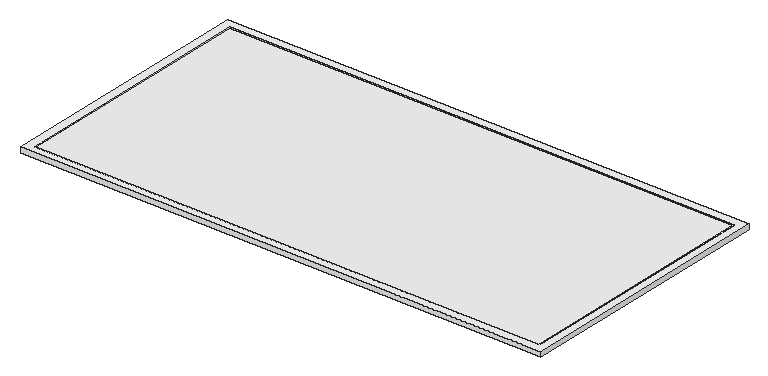
Revit family "0047432 Feilo Sylvania Lighting Fixture START FLAT PANEL LED 1200x600 NW", category Lighting Fixtures, host Face, Revit 2017
Family settings
  Host = Face
  Round Connector Dimension = Use Diameter
  Part Type = Normal
  OmniClass Number = 23.80.70.00
  OmniClass Title = Lighting
  Cut with Voids When Loaded = No
  Light Source = No
  Shared = No
  Room Calculation Point = No
Parameters (values of type "0047432_5300LM_60W")
  _DistributedBy = ""
  _CurrentRevision = 0
  _CreatedBy = "http://www.feilosylvania.com"
  _BimstoreBibleVersion = "Version 15"
  _BimSpecGuid = 0
  _Author = "n/a"
  Weight = "6.044 kg"
  Wattage Comments = "n/a"
  WarrantyStartDate [instance] = "n/a"
  WarrantyGuarantorParts = "n/a"
  WarrantyDurationUnit = "year"
  WarrantyDurationParts = "n/a"
  WarrantyDescription = "n/a"
  Voltage = 230 V
  URL = "http://www.sylvania-lighting.com"
  TypeName = "Start Flat Panel LED 1200X600"
  Type Image = <None>
  Type Comments = "n/a"
  SerialNumber [instance] = "n/a"
  ReflectorMaterial = none
  PowerFactor = 0
  PowerConsumption = "60 W"
  PhotobiologicalRiskGroup = "RG0"
  NominalLength = 1196 mm
  NominalHeight = 10.5 mm
  NominalDepth = 595 mm
  Name = "n/a"
  NBSReference = "n/a"
  NBSOfficeMasterTag = "n/a"
  NBSObjectName = "n/a"
  NBSNote = "n/a"
  NBSDescription = "n/a"
  ModelReference = "Start Flat Panel LED"
  ModelNumber = "0047432"
  Model = "START FLAT PANEL LED 1200X600 NW"
  Material = "n/a"
  ManufacturerName = "Feilo Sylvania"
  Manufacturer = "Feilo Sylvania"
  LuminousFlux = 5300 lm
  LuminaireType = "n/a"
  LuminairePowerFactor = "n/a"
  LuminaireEfficacy = 88 lm/W
  LightOutputRatio = "100"
  LightColour = "Neutral white"
  LampsType = "LED"
  LampsColourRenderingIndex = "n/a"
  LampColourTemperature = 4000 K
  Lamp = "n/a"
  Keynote = "EF_70_80"
  InstallationDate [instance] = "n/a"
  InrushDuration = "0.16 ms"
  InrushCurrent = 13.9 A
  InputVoltage = "220-240V"
  InputNominalFrequency = "50/60 Hz"
  IngressProtection = "IP20"
  ImpactProtectionIndex = "IK05"
  IfcExportType = "IfcLightFixtureType"
  IfcExportAs = "IfcLightFixtureType"
  GlareControl = "UGR<25"
  Finish = "n/a"
  ExpectedLife = 50000
  ElectricShockClassification = "Class II"
  DurationUnit = "hrs"
  DriveCurrent = 2 A
  DocumentationLiterature = "http://www.sylvania-lighting.com/product/en-int/products/0047432"
  DistributionType = "Direct"
  DimmingControlOptions = "Non dimmable"
  DiffuserMaterial = Diffuser-Sylvania-Glow
  Diffuser Material = "Acrylic PMMA"
  Diffuser Finish = "Opal"
  Description = "n/a"
  Default Elevation = 1219.2 mm
  CreatedOn = "03-10-2017"
  CreatedBy = ""
  Cost = 0
  ControlGearType = "Electrical"
  ColorConsistency(SDCM) = "3"
  Color = "White"
  built-in parameter 1114216 [instance] = (empty or 0)
  ClassificationValue = "EF_70_80"
  ClassificationName = "Uniclass2015"
  BodyMaterial = Body-Sylvania_White
  BeamAngle = 120.00°
  BarCode [instance] = "n/a"
  BIMObjectName = "n/a"
  AssetType = "n/a"
  AssetIdentifier [instance] = "n/a"
  Assembly Code = "D5020200"
  Apparent Load = 60 VA
  AccessoryMaterial = none
Reference planes
  plane 1 "Center (Front/Back)": y = 0
  plane 2: z = 0
  plane 3 "Center (Left/Right)": x = 0
  plane 4: x = -598
  plane 5: x = 598
  plane 6: y = 298
  plane 7: y = -298
  plane 8: x = -580
  plane 9: y = 280
  plane 10: y = -280
  plane 11: x = 580
  plane 12: z = 10.5
  plane 13: x = -558
  plane 14: y = 258
  plane 15: x = 558
  plane 16: y = -258
Forms (mm)
  Extrusion 1, solid, material "Body-Sylvania_White" <- "BodyMaterial"
    sketch origin (0, 0, 0) x (1, 0, 0) y (0, 1, 0)
      loop
        line (-598, 298) -> (-598, -298) -> (598, -298) -> (598, 298) -> (-598, 298)
      loop
        line (-580, 280) -> (-580, -280) -> (580, -280) -> (580, 280) -> (-580, 280)
    from 0 to 10.5
  Extrusion 2, solid, material "Diffuser-Sylvania-Glow" <- "DiffuserMaterial"
    sketch origin (0, 0, 0) x (1, 0, 0) y (0, 1, 0)
      loop
        line (-580, 280) -> (-580, -280) -> (580, -280) -> (580, 280) -> (-580, 280)
    from 0 to 9
Dimensions and locks
  equal spacing: plane 4, plane 3 "Center (Left/Right)", plane 5
  equal spacing: plane 7, plane 1 "Center (Front/Back)", plane 6
  locked: plane 7 to plane 6 at 596
  locked: plane 4 to plane 8 at 18
  locked: plane 11 to plane 5 at 18
  locked: plane 9 to plane 6 at 18
  locked: plane 7 to plane 10 at 18
  locked: plane 14 to plane 9 at 22
  locked: plane 8 to plane 13 at 22
  locked: plane 15 to plane 11 at 22
  locked: plane 10 to plane 16 at 22
  locked: plane 2 to plane 12 at 10.5
  locked: plane 4 to plane 3 "Center (Left/Right)" at 598
  aligned and locked: plane 2 to host face
  aligned and locked: level to host face
  aligned and locked: plane 6 to Extrusion 1 sketch curve
  aligned and locked: plane 4 to Extrusion 1 sketch curve
  aligned and locked: Extrusion 1 sketch curve to plane 7
  aligned and locked: Extrusion 1 sketch curve to plane 5
  aligned and locked: plane 9 to Extrusion 1 sketch curve
  aligned and locked: plane 8 to Extrusion 1 sketch curve
  aligned and locked: Extrusion 1 sketch curve to plane 10
  aligned and locked: Extrusion 1 sketch curve to plane 11
  aligned and locked: Extrusion 1 to plane 12
  aligned and locked: Extrusion 1 to level
  aligned and locked: Extrusion 2 sketch curve to Extrusion 1  (x4)
Automatic sketch dimensions
  host sketch curve to host sketch curve = 2438.4 mm  (x2)
Nested families
  nested 1: "IES" at (0, 0, 9), type "0047432_5300LM_60W"
    with built-in parameter 1114216 (empty or 0)
Connectors
  electrical at (0, 0, 0), driven by "Apparent Load", driven by "PowerFactor", driven by "Voltage"
    settings: index 1, voltage 230 V, apparent load 60 VA, apparent load phase1 0 VA, apparent load phase2 0 VA, apparent load phase3 0 VA, power factor 0, load classification "Lighting", number of poles 1, system type 30, power factor state 1, is connector primary yes, connector utility no, sub classification motor no, connector description ""
Definition of nested family "IES"
  Parameters (values of type "0047432_5300LM_60W")
    Wattage Comments = "n/a"
    Wattage = 60 W
    built-in parameter 1150110 = 1 (stored number, unit not read)
    URL = "http://www.feilosylvania.com"
    Type Comments = "n/a"
    built-in parameter 1114217 = 1 (stored number, unit not read)
    Tilt Angle = 90.00°
    built-in parameter 1150109 = 1 (stored number, unit not read)
    built-in parameter 1150134 = 12
    built-in parameter 1150113 = 1 (stored number, unit not read)
    Photometric Web File = "0047432_StartFlatPanelLED1200x600NW-206864 (1).ies"
    Model = "n/a"
    Manufacturer = "Feilo Sylvania"
    built-in parameter 1150105 = 1844 (stored number, unit not read)
    Lumens = 5280 lm
    built-in parameter 1150115 = 1 (stored number, unit not read)
    built-in parameter 1150137 = (empty or 0)
    built-in parameter 1150139 = (empty or 0)
    built-in parameter 1150112 = 1 (stored number, unit not read)
    built-in parameter 1150114 = 1 (stored number, unit not read)
    Lamp = "n/a"
    Keynote = "n/a"
    built-in parameter 1150132 = (empty or 0)
    built-in parameter 1150102 = (empty or 0)
    built-in parameter 1150107 = 4000 (stored number, unit not read)
    built-in parameter 1150138 = (empty or 0)
    built-in parameter 1150106 = 18.44 (stored number, unit not read)
    Emit from Rectangle Width = 1140 mm
    Emit from Rectangle Length = 545 mm
    Emit Shape Visible in Rendering = no
    built-in parameter 1150104 = 8.1755 (stored number, unit not read)
    Dimming Lamp Color Temperature Shift = (empty or 0)
    Description = "n/a"
    Default Elevation = 1219.2 mm
    Cost = 0
    Color Filter = 16777215
    built-in parameter 1114216 [instance] = (empty or 0)
    built-in parameter 1114218 = 1 (stored number, unit not read)
    built-in parameter 1150133 = 10 (stored number, unit not read)
    Assembly Code = "n/a"
    Apparent Load = 60 VA
  Reference planes
    plane 1 "Center (Front/Back)": y = 0
    plane 2: z = 0
    plane 3 "Center (Left/Right)": x = 0
  Forms (mm)
    Extrusion 1, solid
      sketch origin (-0.8, 0, 0) x (1, 0, 0) y (0, 1, 0)
        loop
          line (-1219.2, 1219.2) -> (-1219.2, -1219.2) -> (1219.2, -1219.2) -> (1219.2, 1219.2) -> (-1219.2, 1219.2)
      from 0 to -304.8
  Dimensions and locks
    aligned and locked: plane 2 to Extrusion 1
    aligned and locked: level to Extrusion 1
